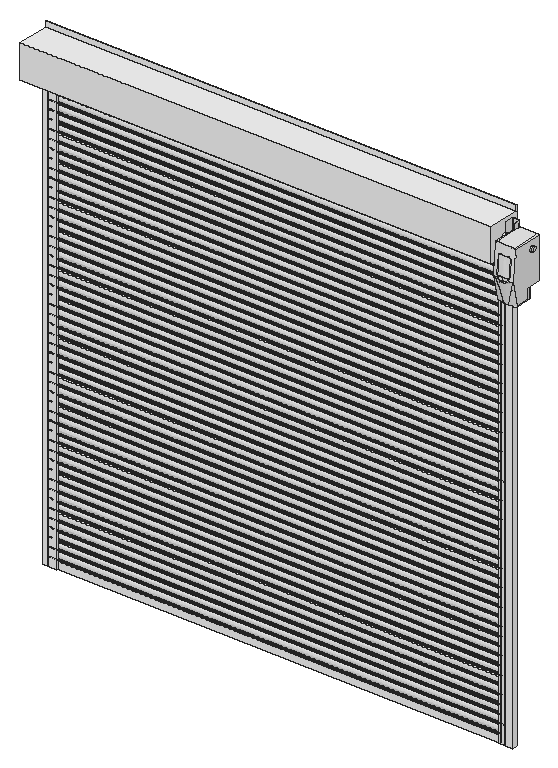
Revit family "Allura-Shutter-Door_OHD_Model-653-REV-A_compact", category Specialty Equipment, host Wall, Revit 2023 (continued)
Definition of nested family "Motor"
  Automatic sketch dimensions
    curve 1 to curve 14 = 0' - 1 1/8"
    curve 10 to curve 8 = 0' - 0.38656"
    curve 12 to curve 12 = 0' - 0.38644"
    curve 6 to curve 8 = 0' - 0.0001"
    curve 8 to curve 6 = 0' - 0"
    curve 12 to curve 11 = 0' - 0.00072"
Definition of nested family "Warning Sign"
  Parameters (values of type "Warning Sign")
    Warning Sign [instance] = no
    Default Elevation = 4' - 0"
  Reference planes (in)
    plane 1 "Center (Front/Back)": y = 0
    plane 2: z = 0
    plane 3 "Center (Left/Right)": x = 0
    plane 4: y = 0.5
    plane 5: y = -0.5
    plane 6: y = 1
    plane 7: y = 0.25
  Lines and regions (in)
    model lines
      curve 1: line (-2.26129, 1, 31.47675) -> (-26.3817, 1, -10.30102)
      curve 2: line (-25.25106, 1, -10.9538) -> (-1.13064, 1, 30.82398)
      curve 3: arc (2.26129, 1, 31.47675) -> (0, 1, 32.78231) -> (-2.26129, 1, 31.47675) r 2.61111
      curve 4: arc (-1.13064, 1, 30.82398) -> (0, 1, 31.47675) -> (1.13064, 1, 30.82398) r 1.30556
      curve 5: line (1.13064, 1, 30.82398) -> (25.25106, 1, -10.9538)
      curve 6: line (26.3817, 1, -10.30102) -> (2.26129, 1, 31.47675)
      curve 7: arc (25.25106, 1, -10.9538) -> (25.25106, 1, -12.25936) -> (24.12041, 1, -12.91213) r 1.30556
      curve 8: arc (24.12041, 1, -14.21769) -> (26.3817, 1, -12.91213) -> (26.3817, 1, -10.30102) r 2.61111
      curve 9: line (24.12041, 1, -12.91213) -> (-24.12041, 1, -12.91213)
      curve 10: line (-24.12041, 1, -14.21769) -> (24.12041, 1, -14.21769)
      curve 11: arc (-24.12041, 1, -12.91213) -> (-25.25106, 1, -12.25936) -> (-25.25106, 1, -10.9538) r 1.30556
      curve 12: arc (-26.3817, 1, -10.30102) -> (-26.3817, 1, -12.91213) -> (-24.12041, 1, -14.21769) r 2.61111
      curve 13: arc (-2.29479, 1, -5.58232) -> (0, 1, -7.87712) -> (2.29479, 1, -5.58232) r 2.29479
      curve 14: arc (2.29479, 1, -5.58232) -> (0, 1, -3.28753) -> (-2.29479, 1, -5.58232) r 2.29479
      curve 15: arc (-1.6331, 1, -0.247) -> (0.03439, 1, -1.68042) -> (1.69278, 1, -0.23648) r 1.68043
      curve 16: line (-3.77413, 1, 14.16104) -> (-1.6331, 1, -0.247)
      curve 17: line (1.69278, 1, -0.23648) -> (3.73924, 1, 14.16104)
      curve 18: arc (3.73924, 1, 14.16104) -> (-0.01745, 1, 17.91772) -> (-3.77413, 1, 14.16104) r 3.75668
      curve 19: line (-2.26129, -0.5, 31.47675) -> (-26.3817, -0.5, -10.30102)
      curve 20: line (-25.25106, -0.5, -10.9538) -> (-1.13064, -0.5, 30.82398)
      curve 21: arc (2.26129, -0.5, 31.47675) -> (0, -0.5, 32.78231) -> (-2.26129, -0.5, 31.47675) r 2.61111
      curve 22: arc (-1.13064, -0.5, 30.82398) -> (0, -0.5, 31.47675) -> (1.13064, -0.5, 30.82398) r 1.30556
      curve 23: line (1.13064, -0.5, 30.82398) -> (25.25106, -0.5, -10.9538)
      curve 24: line (26.3817, -0.5, -10.30102) -> (2.26129, -0.5, 31.47675)
      curve 25: arc (25.25106, -0.5, -10.9538) -> (25.25106, -0.5, -12.25936) -> (24.12041, -0.5, -12.91213) r 1.30556
      curve 26: arc (24.12041, -0.5, -14.21769) -> (26.3817, -0.5, -12.91213) -> (26.3817, -0.5, -10.30102) r 2.61111
      curve 27: line (24.12041, -0.5, -12.91213) -> (-24.12041, -0.5, -12.91213)
      curve 28: line (-24.12041, -0.5, -14.21769) -> (24.12041, -0.5, -14.21769)
      curve 29: arc (-24.12041, -0.5, -12.91213) -> (-25.25106, -0.5, -12.25936) -> (-25.25106, -0.5, -10.9538) r 1.30556
      curve 30: arc (-26.3817, -0.5, -10.30102) -> (-26.3817, -0.5, -12.91213) -> (-24.12041, -0.5, -14.21769) r 2.61111
      curve 31: arc (-2.29479, -0.5, -5.58232) -> (0, -0.5, -7.87712) -> (2.29479, -0.5, -5.58232) r 2.29479
      curve 32: arc (2.29479, -0.5, -5.58232) -> (0, -0.5, -3.28753) -> (-2.29479, -0.5, -5.58232) r 2.29479
      curve 33: arc (-1.6331, -0.5, -0.247) -> (0.03439, -0.5, -1.68042) -> (1.69278, -0.5, -0.23648) r 1.68043
      curve 34: line (-3.77413, -0.5, 14.16104) -> (-1.6331, -0.5, -0.247)
      curve 35: line (1.69278, -0.5, -0.23648) -> (3.73924, -0.5, 14.16104)
      curve 36: arc (3.73924, -0.5, 14.16104) -> (-0.01745, -0.5, 17.91772) -> (-3.77413, -0.5, 14.16104) r 3.75668
  Dimensions and locks (in)
    locked: plane 1 "Center (Front/Back)" to plane 4 at 0.5
    equal spacing: plane 1 "Center (Front/Back)", plane 7, plane 4
    locked: plane 4 to plane 6 at 0.5
    locked: plane 5 to plane 1 "Center (Front/Back)" at 0.5
    aligned and locked: plane 2 to level
  Automatic sketch dimensions
    curve 21 to curve 22 = 0' - 0"  (x2)
    curve 25 to curve 26 = 0' - 0"  (x2)
    curve 29 to curve 30 = 0' - 0"  (x2)
    curve 31 to curve 32 = 0' - 0"  (x2)
    curve 21 to plane 3 "Center (Left/Right)" = 0' - 0"
    curve 31 to plane 3 "Center (Left/Right)" = 0' - 0"
    curve 30 to level = 1' - 2.21769"
    curve 27 to level = 1' - 0.91213"
    curve 26 to curve 27 = 0' - 1.30556"
    curve 29 to curve 27 = 0' - 1.30556"
    curve 23 to curve 25 = 0' - 0.65278"
    curve 20 to curve 29 = 0' - 0.65278"
    curve 24 to curve 23 = 0' - 0.65278"
    curve 19 to curve 20 = 0' - 0.65278"
    curve 32 to level = 0' - 5.58232"
    curve 34 to plane 3 "Center (Left/Right)" = 0' - 1.6331"
    curve 34 to curve 31 = 0' - 5.33532"
    plane 3 "Center (Left/Right)" to curve 35 = 0' - 1.69278"
    curve 35 to curve 34 = 0' - 0.01052"
    plane 3 "Center (Left/Right)" to curve 33 = 0' - 0.02908"
    curve 36 to plane 3 "Center (Left/Right)" = 0' - 0.01745"
    curve 36 to curve 33 = 1' - 2.16104"
    curve 22 to curve 36 = 1' - 4.01016"
    plane 3 "Center (Left/Right)" to curve 23 = 0' - 1.13064"
    curve 23 to curve 21 = 0' - 0.65278"
    curve 20 to plane 3 "Center (Left/Right)" = 0' - 1.13064"
    plane 3 "Center (Left/Right)" to curve 24 = 0' - 2.26129"
    curve 24 to curve 22 = 0' - 0.65278"
    curve 19 to plane 3 "Center (Left/Right)" = 0' - 2.26129"
    curve 34 to curve 36 = 0' - 3.75668"
    curve 30 to plane 3 "Center (Left/Right)" = 2' - 0.12041"
    plane 3 "Center (Left/Right)" to curve 25 = 2' - 0.12041"
    curve 31 to curve 31 = 0' - 2.29479"
    curve 3 to curve 4 = 0' - 0"  (x2)
    curve 7 to curve 8 = 0' - 0"  (x2)
    curve 11 to curve 12 = 0' - 0"  (x2)
    curve 13 to curve 14 = 0' - 0"  (x2)
    curve 3 to plane 3 "Center (Left/Right)" = 0' - 0"
    curve 13 to plane 3 "Center (Left/Right)" = 0' - 0"
    curve 12 to level = 1' - 2.21769"
    curve 9 to level = 1' - 0.91213"
    curve 8 to curve 9 = 0' - 1.30556"
    curve 11 to curve 9 = 0' - 1.30556"
    curve 5 to curve 7 = 0' - 0.65278"
    curve 2 to curve 11 = 0' - 0.65278"
    curve 6 to curve 5 = 0' - 0.65278"
    curve 1 to curve 2 = 0' - 0.65278"
    curve 14 to level = 0' - 5.58232"
    curve 16 to plane 3 "Center (Left/Right)" = 0' - 1.6331"
    curve 16 to curve 13 = 0' - 5.33532"
    plane 3 "Center (Left/Right)" to curve 17 = 0' - 1.69278"
    curve 17 to curve 16 = 0' - 0.01052"
    plane 3 "Center (Left/Right)" to curve 15 = 0' - 0.02908"
    curve 18 to plane 3 "Center (Left/Right)" = 0' - 0.01745"
    curve 18 to curve 15 = 1' - 2.16104"
    curve 4 to curve 18 = 1' - 4.01016"
    plane 3 "Center (Left/Right)" to curve 5 = 0' - 1.13064"
    curve 5 to curve 3 = 0' - 0.65278"
    curve 2 to plane 3 "Center (Left/Right)" = 0' - 1.13064"
    plane 3 "Center (Left/Right)" to curve 6 = 0' - 2.26129"
    curve 6 to curve 4 = 0' - 0.65278"
    curve 1 to plane 3 "Center (Left/Right)" = 0' - 2.26129"
    curve 16 to curve 18 = 0' - 3.75668"
    curve 12 to plane 3 "Center (Left/Right)" = 2' - 0.12041"
    plane 3 "Center (Left/Right)" to curve 7 = 2' - 0.12041"
    curve 13 to curve 13 = 0' - 2.29479"
Types (4): name | Voltage Real | Voltage | RLD Motor | Motor Type Selection Real | Motor Type | Tube Motor | Power Factor | Frequency | Crank + Tube Motor | Crank | Connector Position | Manual | Current | Connector Array | Apparent Load Phase 1
  115 volts, one phase, 60 Hz (110-120V range) | 115 V | 120 V | yes | 1 | "RLD Motor" | no | 1 | 60 Hz | no | no | 0' - 11 205/256" | no | 4 A | 3 | 480 VA
  Manual push-up | 0 V | 0 V | no | 2 | "Manual" | no | 1 | 0 Hz | no | no | 0' - 4 1/4" | yes | 0 A | 2 | 0 VA
  240 volts, one phase, 60 Hz (208-245V range) | 240 V | 240 V | no | 2 | "Tube Motor" | yes | 1 | 60 Hz | yes | no | 0' - 4 1/4" | no | 20 A | 3 | 4800 VA
  Manual crank | 0 V | 0 V | no | 2 | "Crank" | no | 0 | 0 Hz | yes | yes | 0' - 4 1/4" | no | 0 A | 2 | 0 VA
